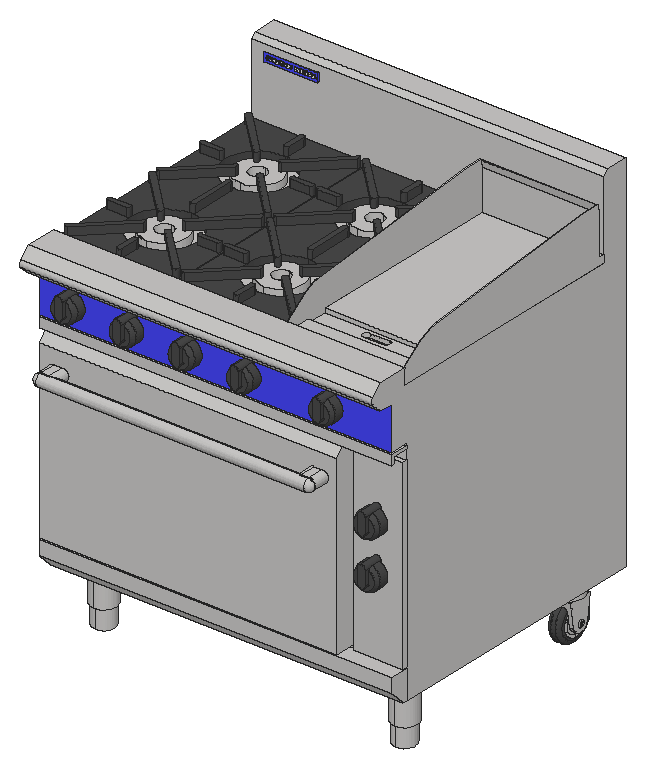
Revit family "QF_MOFFAT_BLUESEAL_CE_GE506C", category Specialty Equipment, Revit 2012
Parameters
  Width = 900 mm  # constant formula
  Weight in Pounds = 485
  Watts = 6500 W
  Volts = 400 V
  URL Cutsheet = "www.moffat.com"
  URL = "www.moffat.com"
  Type Mark [instance] = ""
  Status [instance] = ""
  Specification by User [instance] = ""
  Specification by Manufacturer = ""
  Show Logo [instance] = yes
  Show Clearance [instance] = yes
  Show Casters [instance] = yes
  Serial Number = ""
  Seismic Rating = ""
  SMACNA No = ""
  Revision Code [instance] = ""
  Phase = 3
  Omniclass Number and Title = ""
  Number of Poles [instance] = 1
  NAFEM Spec ID Number = ""
  Model = "GE506C"
  Min Ckt Ampacity = 0 A
  Mechanical Remarks = ""
  Mechanical Connection Type [instance] = ""
  Max Overcurrent Protection = 0 A
  Masterspec = ""
  Manufacturer = "MOFFAT BLUESEAL"
  Legs [instance] = not(Show Casters)  # no
  Item Number [instance] = ""
  Installed By [instance] = ""
  Identify Quantity as Lot [instance] = yes
  Height = 970 mm  # constant formula
  HP = ""
  Gas Size = 3/4"
  Gas RI Height [instance] = 0 mm
  Gas KW [instance] = 36.6
  Gas Input [instance] = 125111.0 Btu/h
  Gas Connection Height = 0 mm
  Furnished By [instance] = ""
  Foodservice Equipment Identifier [instance] = yes
  FL Amps = 9.4 A
  Electrical Remarks = "9.4A PER PHASE"
  Electric Connection Type = ""
  Elec Conn RI Height = 0 mm
  Elec Conn Connection Height = 0 mm
  Description = "900MM GAS RANGE WITH ELECTRIC STATIC OVEN"
  Depth = 812 mm  # constant formula
  Cycle = 50 Hz
  Conn Plug = ""
  Conn Conduit = yes
  CSI MasterFormat = ""
  CSI Master Format = ""
  Body Finish = QF_Finishes_Stainless Steel
  Apparent Power = 0 VA
Reference planes
  plane 1 "BACK": y = 0
  plane 2: z = 0
  plane 3 "LEFT": x = 0
  plane 4 "RIGHT": x = 900
  plane 5 "FRONT": y = -812
  plane 6 "TOP": z = 970
  plane 7 "Center Y": x = 450
  plane 8 "Center X": y = -406
  plane 9: x = 280
  plane 10: y = -574.272
  plane 11: x = 60
  plane 12: y = -304.972
  plane 13: y = -364.972
  plane 14: x = 74
  plane 15: y = -812
  plane 16: x = 834.5
  plane 17: y = -32
  plane 18: z = 655
  plane 19: y = -100
  plane 20: z = 1085
  plane 21: y = -705
  plane 22: x = 65.8
  plane 23: x = 534.2
Forms (mm)
  Extrusion 1, solid, material "QF_Finishes_Stainless Steel" <- "Body Finish"
    sketch origin (0, 0, 0) x (0, 1, 0) y (0, 0, 1)
      loop
        line (0, 150) -> (0, 1085) -> (-57.5, 1085) -> (-70, 1072.5) -> (-70, 875) -> (-705, 875) -> (-705, 915) -> (-783.97, 915) -> (-808.476, 890.494)
        arc (-808.476, 890.494) -> (-811.994, 882) -> (-808.476, 873.506) r 12.013
        line (-808.476, 873.506) -> (-784.97, 850) -> (-749, 850) -> (-749, 740) -> (-699, 740) -> (-699, 150) -> (0, 150)
    from 0 to 900
  Extrusion 2, solid, material "QF_Finishes_Stainless Steel"
    sketch origin (0, 7, 0) x (0, 1, 0) y (0, 0, 1)
      loop
        line (-706, 700) -> (-732, 700) -> (-756, 676) -> (-756, 227.5) -> (-706, 227.5) -> (-706, 700)
    from 0 to 760
  Extrusion 3, solid, material "QF_Finishes_Stainless Steel"
    sketch origin (723.5, 7, 0) x (0, 1, 0) y (0, 0, 1)
      loop
        line (-706, 700) -> (-721, 700) -> (-721, 227.5) -> (-706, 227.5) -> (-706, 700)
    from 51.5 to 176.5
  Revolve 4, solid, material "QF_Finishes_Stainless Steel" <- "Body Finish"
    sketch origin (834.5, -696.126, 0) x (0, 1, 0) y (0, 0, -1)
      loop
        line (39.376, -150) -> (71.126, -150) -> (71.126, 0) -> (43.626, 0) -> (43.626, -50) -> (39.376, -50) -> (39.376, -150)
      axis (71.126, -150) -> (71.126, 0)
    angle from 0 to 360
  Revolve 5, solid, material "QF_Finishes_Stainless Steel" <- "Body Finish"
    sketch origin (65.5, -696.126, 0) x (0, 1, 0) y (0, 0, 1)
      loop
        line (39.376, 150) -> (39.376, 50) -> (43.626, 50) -> (43.626, 0) -> (71.126, 0) -> (71.126, 150) -> (39.376, 150)
      axis (71.126, 150) -> (71.126, 0)
    angle from 0 to 360
  Extrusion 6, solid, material "QF_Finishes_Stainless Steel"
    sketch origin (-64.5, 0, 325) x (1, 0, 0) y (0, 1, 0)
      loop
        circle (834.5, -32) r 10
    from 330 to 371
  Revolve 7, solid, material "QF_Finishes_Black"
    sketch origin (750, 45.874, -0.118) x (0, 1, 0) y (0, 0, 1)
      loop
        line (-827.874, 829.5) -> (-838.874, 823.651) -> (-838.874, 797) -> (-794.874, 797) -> (-794.874, 802) -> (-804.874, 802) -> (-804.874, 829.5) -> (-827.874, 829.5)
      axis (-838.874, 797) -> (-794.874, 797)
    angle from 0 to 360
  Revolve 8, solid, material "QF_Finishes_Black"
    sketch origin (90.649, 45.874, -0.118) x (0, 1, 0) y (0, 0, -1)
      loop
        line (-827.874, -829.5) -> (-804.874, -829.5) -> (-804.874, -802) -> (-794.874, -802) -> (-794.874, -797) -> (-838.874, -797) -> (-838.874, -823.651) -> (-827.874, -829.5)
      axis (-838.874, -797) -> (-794.874, -797)
    angle from 0 to 360
  Revolve 9, solid, material "QF_Finishes_Black"
    sketch origin (240.649, 45.874, -0.118) x (0, 1, 0) y (0, 0, -1)
      loop
        line (-827.874, -829.5) -> (-804.874, -829.5) -> (-804.874, -802) -> (-794.874, -802) -> (-794.874, -797) -> (-838.874, -797) -> (-838.874, -823.651) -> (-827.874, -829.5)
      axis (-838.874, -797) -> (-794.874, -797)
    angle from 0 to 360
  Revolve 10, solid, material "QF_Finishes_Black"
    sketch origin (390.625, 45.874, -0.118) x (0, 1, 0) y (0, 0, -1)
      loop
        line (-827.874, -829.5) -> (-804.874, -829.5) -> (-804.874, -802) -> (-794.874, -802) -> (-794.874, -797) -> (-838.874, -797) -> (-838.874, -823.651) -> (-827.874, -829.5)
      axis (-838.874, -797) -> (-794.874, -797)
    angle from 0 to 360
  Extrusion 11, solid, material "QF_Finishes_Black"
    sketch origin (238.456, 7, -0.118) x (-1, 0, 0) y (0, 0, -1)
      loop
        arc (158.3, -789) -> (148.3, -779) -> (138.3, -789) r 10
        line (138.3, -789) -> (138.3, -824)
        arc (138.3, -824) -> (148.3, -834) -> (158.3, -824) r 10
        line (158.3, -824) -> (158.3, -789)
    from 759 to 808
  Extrusion 12, solid, material "QF_Finishes_Black"
    sketch origin (388.456, 7, -0.118) x (-1, 0, 0) y (0, 0, -1)
      loop
        arc (158.3, -789) -> (148.3, -779) -> (138.3, -789) r 10
        line (138.3, -789) -> (138.3, -824)
        arc (138.3, -824) -> (148.3, -834) -> (158.3, -824) r 10
        line (158.3, -824) -> (158.3, -789)
    from 759 to 808
  Extrusion 13, solid, material "QF_Finishes_Black"
    sketch origin (602.193, 7, -0.118) x (1, 0, 0) y (0, 0, 1)
      loop
        line (158.3, 789) -> (158.3, 824)
        arc (158.3, 824) -> (148.3, 834) -> (138.3, 824) r 10
        line (138.3, 824) -> (138.3, 789)
        arc (138.3, 789) -> (148.3, 779) -> (158.3, 789) r 10
    from 759 to 808
  Extrusion 14, solid, material "QF_Finishes_Black"
    sketch origin (538.432, 7, -0.118) x (-1, 0, 0) y (0, 0, -1)
      loop
        arc (158.3, -789) -> (148.3, -779) -> (138.3, -789) r 10
        line (138.3, -789) -> (138.3, -824)
        arc (138.3, -824) -> (148.3, -834) -> (158.3, -824) r 10
        line (158.3, -824) -> (158.3, -789)
    from 759 to 808
  Extrusion 15, solid, material "QF_Finishes_Black"
    sketch origin (688.432, 7, -0.118) x (-1, 0, 0) y (0, 0, -1)
      loop
        arc (158.3, -789) -> (148.3, -779) -> (138.3, -789) r 10
        line (138.3, -789) -> (138.3, -824)
        arc (138.3, -824) -> (148.3, -834) -> (158.3, -824) r 10
        line (158.3, -824) -> (158.3, -789)
    from 759 to 808
  Revolve 16, solid, material "QF_Finishes_Black"
    sketch origin (836.851, 80.874, -245.743) x (0, 1, 0) y (0, 0, 1)
      loop
        line (-827.874, 829.5) -> (-838.874, 823.651) -> (-838.874, 797) -> (-794.874, 797) -> (-794.874, 802) -> (-804.874, 802) -> (-804.874, 829.5) -> (-827.874, 829.5)
      axis (-838.874, 797) -> (-794.874, 797)
    angle from 0 to 360
  Extrusion 17, solid, material "QF_Finishes_Black"
    sketch origin (689.044, 42, -245.743) x (1, 0, 0) y (0, 0, 1)
      loop
        line (158.3, 789) -> (158.3, 824)
        arc (158.3, 824) -> (148.3, 834) -> (138.3, 824) r 10
        line (138.3, 824) -> (138.3, 789)
        arc (138.3, 789) -> (148.3, 779) -> (158.3, 789) r 10
    from 759 to 808
  Extrusion 18, solid, material "QF_Door-Drawer Clearances", visible <- "Show Clearance", detail levels coarse
    sketch origin (0, 7, 0) x (0, -1, 0) y (0, 0, 1)
      loop
        line (756, 697.347) -> (756, 227.5) -> (1225.847, 227.5)
        arc (1225.847, 227.5) -> (1088.232, 559.732) -> (756, 697.347) r 469.847
    from 0 to -760
  Extrusion 19, void
    sketch origin (0, 0, 220) x (1, 0, 0) y (0, 1, 0)
      loop
        line (824, -87) -> (824, 0) -> (694, 0) -> (694, -39) -> (744, -87) -> (824, -87)
    from 0 to 476
  Revolve 20, solid, material "QF_Finishes_Black"
    sketch origin (540.625, 45.874, -0.118) x (0, 1, 0) y (0, 0, -1)
      loop
        line (-827.874, -829.5) -> (-804.874, -829.5) -> (-804.874, -802) -> (-794.874, -802) -> (-794.874, -797) -> (-838.874, -797) -> (-838.874, -823.651) -> (-827.874, -829.5)
      axis (-838.874, -797) -> (-794.874, -797)
    angle from 0 to 360
  Extrusion 21, solid, material "QF_Finishes_Stainless Steel"
    sketch origin (0, -749, 227.5) x (0, 0, 1) y (-1, 0, 0)
      loop
        line (380.625, -38.246) -> (380.625, -58.528)
        arc (380.625, -58.528) -> (395.625, -73.528) -> (410.625, -58.528) r 15
        line (410.625, -58.528) -> (410.625, -38.246)
        arc (410.625, -38.246) -> (395.625, -23.246) -> (380.625, -38.246) r 15
      loop
        arc (380.625, -723.039) -> (395.625, -738.039) -> (410.625, -723.039) r 15
        line (410.625, -723.039) -> (410.625, -702.757)
        arc (410.625, -702.757) -> (395.625, -687.757) -> (380.625, -702.757) r 15
        line (380.625, -702.757) -> (380.625, -723.039)
    from 0 to 44
  Revolve 22, solid, material "QF_Finishes_Stainless Steel"
    sketch origin (0, -793, 0) x (1, 0, 0) y (0, 0, 1)
      loop
        arc (738.039, 623.125) -> (733.646, 633.732) -> (723.039, 638.125) r 15
        line (723.039, 638.125) -> (38.246, 638.125)
        arc (38.246, 638.125) -> (27.64, 633.732) -> (23.246, 623.125) r 15
        line (23.246, 623.125) -> (738.039, 623.125)
      axis (738.039, 623.125) -> (23.246, 623.125)
    angle from 0 to 360
  Extrusion 23, solid, material "QF_Finishes_Stainless Steel" <- "Body Finish"
    sketch origin (0, 7, 0) x (0, 1, 0) y (0, 0, 1)
      loop
        line (-756, 710) -> (-747.224, 710) -> (-749.613, 726.999) -> (-707.93, 726.999) -> (-707.93, 734.003) -> (-756, 734.003) -> (-756, 710)
    from 0 to 900
  Extrusion 24, solid, material "QF_Finishes_Stainless Steel" <- "Body Finish"
    sketch origin (0, 4.73, 0) x (0, 1, 0) y (0, 0, 1)
      loop
        line (-753.73, 222.5) -> (-753.73, 186) -> (-717.73, 150) -> (-703.73, 150) -> (-703.73, 222.5) -> (-753.73, 222.5)
    from 0 to 900
  Extrusion 25, solid, material "QF_Finishes_Stainless Steel", visible <- "Show Casters"
    sketch origin (71.501, 133.353, -8.783) x (0, 1, 0) y (0, 0, 1)
      loop
        line (-201.603, 118.783) -> (-265.103, 118.783) -> (-252.746, 53.895)
        arc (-252.746, 53.895) -> (-233.353, 38.783) -> (-213.959, 53.895) r 20
        line (-213.959, 53.895) -> (-201.603, 118.783)
    from -35.667 to 22.923
  Revolve 26, solid, material "QF_Finishes_Stainless Steel", visible <- "Show Casters"
    sketch origin (65, -203, 0) x (0, 1, 0) y (0, 0, 1)
      loop
        line (67.25, 150) -> (67.25, 110) -> (103, 110) -> (103, 150) -> (67.25, 150)
      axis (103, 150) -> (103, 110)
    angle from 0 to 360
  Revolve 27, solid, material "QF_Finishes_Stainless Steel", visible <- "Show Casters"
    sketch origin (834.5, -203, 0) x (0, 1, 0) y (0, 0, -1)
      loop
        line (67.25, -150) -> (103, -150) -> (103, -110) -> (67.25, -110) -> (67.25, -150)
      axis (103, -150) -> (103, -110)
    angle from 0 to 360
  Revolve 28, solid, material "QF_Finishes_Stainless Steel", visible <- "Show Casters"
    sketch origin (785.276, -99.755, -13.653) x (1, 0, 0) y (0, 0, 1)
      loop
        line (14.841, 64.453) -> (83.584, 64.453) -> (83.584, 67.958) -> (82.314, 69.228) -> (80.79, 69.228) -> (80.79, 72.674) -> (68.644, 72.674) -> (68.644, 82.639) -> (65.088, 84.692) -> (63.738, 93.028) -> (65.881, 93.028) -> (65.881, 99.378) -> (65.088, 99.378) -> (65.088, 105.728)
        arc (65.088, 105.728) -> (62.298, 112.463) -> (55.563, 115.253) r 9.525
        line (55.563, 115.253) -> (42.863, 115.253)
        arc (42.863, 115.253) -> (36.127, 112.463) -> (33.338, 105.728) r 9.525
        line (33.338, 105.728) -> (33.338, 99.378) -> (32.544, 99.378) -> (32.544, 93.028) -> (34.687, 93.028) -> (33.352, 84.781) -> (29.782, 82.719) -> (29.782, 72.674) -> (17.635, 72.674) -> (17.635, 69.228) -> (16.111, 69.228) -> (14.841, 67.958) -> (14.841, 64.453)
      axis (14.841, 64.453) -> (83.584, 64.453)
    angle from 0 to 360
  Extrusion 29, solid, material "QF_Finishes_Stainless Steel", visible <- "Show Casters"
    sketch origin (841.001, 133.353, -8.783) x (0, 1, 0) y (0, 0, 1)
      loop
        line (-201.603, 118.783) -> (-265.103, 118.783) -> (-252.746, 53.895)
        arc (-252.746, 53.895) -> (-233.353, 38.783) -> (-213.959, 53.895) r 20
        line (-213.959, 53.895) -> (-201.603, 118.783)
    from -35.667 to 22.923
  Revolve 30, solid, material "QF_Finishes_Stainless Steel", visible <- "Legs"
    sketch origin (65, -165, 0) x (0, 1, 0) y (0, 0, 1)
      loop
        line (33.25, 150) -> (33.25, 50) -> (37.5, 50) -> (37.5, 0) -> (65, 0) -> (65, 150) -> (33.25, 150)
      axis (65, 150) -> (65, 0)
    angle from 0 to 360
  Revolve 31, solid, material "QF_Finishes_Stainless Steel", visible <- "Legs"
    sketch origin (834.5, -165, 0) x (0, 1, 0) y (0, 0, -1)
      loop
        line (33.25, -150) -> (65, -150) -> (65, 0) -> (37.5, 0) -> (37.5, -50) -> (33.25, -50) -> (33.25, -150)
      axis (65, -150) -> (65, 0)
    angle from 0 to 360
  Revolve 32, solid, material "QF_Finishes_Stainless Steel", visible <- "Show Casters"
    sketch origin (114.224, -99.755, -13.653) x (-1, 0, 0) y (0, 0, -1)
      loop
        line (14.841, -64.453) -> (14.841, -67.958) -> (16.111, -69.228) -> (17.635, -69.228) -> (17.635, -72.674) -> (29.782, -72.674) -> (29.782, -82.719) -> (33.352, -84.781) -> (34.687, -93.028) -> (32.544, -93.028) -> (32.544, -99.378) -> (33.338, -99.378) -> (33.338, -105.728)
        arc (33.338, -105.728) -> (36.127, -112.463) -> (42.863, -115.253) r 9.525
        line (42.863, -115.253) -> (55.563, -115.253)
        arc (55.563, -115.253) -> (62.298, -112.463) -> (65.088, -105.728) r 9.525
        line (65.088, -105.728) -> (65.088, -99.378) -> (65.881, -99.378) -> (65.881, -93.028) -> (63.738, -93.028) -> (65.088, -84.692) -> (68.644, -82.639) -> (68.644, -72.674) -> (80.79, -72.674) -> (80.79, -69.228) -> (82.314, -69.228) -> (83.584, -67.958) -> (83.584, -64.453) -> (14.841, -64.453)
      axis (14.841, -64.453) -> (83.584, -64.453)
    angle from 0 to 360
  Extrusion 33, solid, material "QF_Finishes_Black"
    sketch origin (0, -70, 875) x (0, -1, 0) y (1, 0, 0)
      loop
        arc (1, 4) -> (1.879, 1.879) -> (4, 1) r 3
        line (4, 1) -> (632, 1)
        arc (632, 1) -> (634.121, 1.879) -> (635, 4) r 3
        line (635, 4) -> (635, 297)
        arc (635, 297) -> (634.121, 299.121) -> (632, 300) r 3
        line (632, 300) -> (4, 300)
        arc (4, 300) -> (1.879, 299.121) -> (1, 297) r 3
        line (1, 297) -> (1, 4)
      loop
        circle (167.5, 150) r 85
      loop
        circle (467.768, 150) r 85
    from 0 to 19.5
  Extrusion 34, solid, material "QF_Finishes_Black"
    sketch origin (0, -73.5, 894.5) x (0, -1, 0) y (1, 0, 0)
      loop
        spline (323.602, 15.153) -> (322.681, 13.924) -> (322.131, 12.47) -> (321.99, 10.89) -> (322.267, 9.292) -> (322.943, 7.786) -> (323.973, 6.473) -> (325.286, 5.443) -> (326.792, 4.767) -> (328.39, 4.49) -> (329.97, 4.631) -> (331.424, 5.181) -> (332.653, 6.102)
        line (332.653, 6.102) -> (440.576, 114.025)
        spline (440.576, 114.025) -> (441.337, 115.095) -> (441.738, 116.399) -> (441.751, 117.851) -> (441.375, 119.35) -> (440.637, 120.795) -> (439.586, 122.086) -> (438.295, 123.137) -> (436.85, 123.875) -> (435.351, 124.251) -> (433.899, 124.238) -> (432.595, 123.837) -> (431.525, 123.076)
        line (431.525, 123.076) -> (323.602, 15.153)
      loop
        spline (371.852, 143.6) -> (373.146, 143.818) -> (374.352, 144.457) -> (375.388, 145.475) -> (376.182, 146.8) -> (376.682, 148.344) -> (376.852, 150) -> (376.682, 151.656) -> (376.182, 153.2) -> (375.388, 154.525) -> (374.352, 155.543) -> (373.146, 156.182) -> (371.852, 156.4)
        line (371.852, 156.4) -> (259.398, 156.4)
        spline (259.398, 156.4) -> (258.104, 156.182) -> (256.898, 155.543) -> (255.862, 154.525) -> (255.068, 153.2) -> (254.568, 151.656) -> (254.398, 150) -> (254.568, 148.344) -> (255.068, 146.8) -> (255.862, 145.475) -> (256.898, 144.457) -> (258.104, 143.818) -> (259.398, 143.6)
        line (259.398, 143.6) -> (371.852, 143.6)
      loop
        line (311.398, 15.153) -> (203.475, 123.076)
        spline (203.475, 123.076) -> (202.405, 123.837) -> (201.101, 124.238) -> (199.649, 124.251) -> (198.15, 123.875) -> (196.705, 123.137) -> (195.414, 122.086) -> (194.363, 120.795) -> (193.625, 119.35) -> (193.249, 117.851) -> (193.262, 116.399) -> (193.663, 115.095) -> (194.424, 114.025)
        line (194.424, 114.025) -> (302.347, 6.102)
        spline (302.347, 6.102) -> (303.416, 5.341) -> (304.721, 4.941) -> (306.172, 4.928) -> (307.671, 5.303) -> (309.116, 6.041) -> (310.408, 7.092) -> (311.459, 8.384) -> (312.197, 9.829) -> (312.572, 11.328) -> (312.559, 12.779) -> (312.159, 14.084) -> (311.398, 15.153)
      loop
        line (323.602, 284.847) -> (431.525, 176.924)
        spline (431.525, 176.924) -> (432.595, 176.163) -> (433.899, 175.762) -> (435.351, 175.749) -> (436.85, 176.125) -> (438.295, 176.863) -> (439.586, 177.914) -> (440.637, 179.205) -> (441.375, 180.65) -> (441.751, 182.149) -> (441.738, 183.601) -> (441.337, 184.905) -> (440.576, 185.975)
        line (440.576, 185.975) -> (332.653, 293.898)
        spline (332.653, 293.898) -> (331.424, 294.819) -> (329.97, 295.369) -> (328.39, 295.51) -> (326.792, 295.233) -> (325.286, 294.557) -> (323.973, 293.527) -> (322.943, 292.214) -> (322.267, 290.708) -> (321.99, 289.11) -> (322.131, 287.53) -> (322.681, 286.076) -> (323.602, 284.847)
      loop
        spline (311.398, 284.847) -> (312.159, 285.916) -> (312.559, 287.221) -> (312.572, 288.672) -> (312.197, 290.171) -> (311.459, 291.616) -> (310.408, 292.908) -> (309.116, 293.959) -> (307.671, 294.697) -> (306.172, 295.072) -> (304.721, 295.059) -> (303.416, 294.659) -> (302.347, 293.898)
        line (302.347, 293.898) -> (194.424, 185.975)
        spline (194.424, 185.975) -> (193.663, 184.905) -> (193.262, 183.601) -> (193.249, 182.149) -> (193.625, 180.65) -> (194.363, 179.205) -> (195.414, 177.914) -> (196.705, 176.863) -> (198.15, 176.125) -> (199.649, 175.749) -> (201.101, 175.762) -> (202.405, 176.163) -> (203.475, 176.924)
        line (203.475, 176.924) -> (311.398, 284.847)
      loop
        spline (73.549, 143.6) -> (74.844, 143.818) -> (76.049, 144.457) -> (77.085, 145.475) -> (77.88, 146.8) -> (78.379, 148.344) -> (78.549, 150) -> (78.379, 151.656) -> (77.88, 153.2) -> (77.085, 154.525) -> (76.049, 155.543) -> (74.844, 156.182) -> (73.549, 156.4)
        line (73.549, 156.4) -> (25.093, 156.4)
        spline (25.093, 156.4) -> (23.799, 156.182) -> (22.593, 155.543) -> (21.558, 154.525) -> (20.763, 153.2) -> (20.264, 151.656) -> (20.093, 150) -> (20.264, 148.344) -> (20.763, 146.8) -> (21.558, 145.475) -> (22.593, 144.457) -> (23.799, 143.818) -> (25.093, 143.6)
        line (25.093, 143.6) -> (73.549, 143.6)
      loop
        spline (608.1, 143.6) -> (609.394, 143.818) -> (610.6, 144.457) -> (611.636, 145.475) -> (612.43, 146.8) -> (612.93, 148.344) -> (613.1, 150) -> (612.93, 151.656) -> (612.43, 153.2) -> (611.636, 154.525) -> (610.6, 155.543) -> (609.394, 156.182) -> (608.1, 156.4)
        line (608.1, 156.4) -> (558.644, 156.4)
        spline (558.644, 156.4) -> (557.35, 156.182) -> (556.144, 155.543) -> (555.108, 154.525) -> (554.314, 153.2) -> (553.814, 151.656) -> (553.644, 150) -> (553.814, 148.344) -> (554.314, 146.8) -> (555.108, 145.475) -> (556.144, 144.457) -> (557.35, 143.818) -> (558.644, 143.6)
        line (558.644, 143.6) -> (608.1, 143.6)
      loop
        spline (457.6, 10.156) -> (457.818, 8.862) -> (458.457, 7.656) -> (459.475, 6.62) -> (460.8, 5.826) -> (462.344, 5.326) -> (464, 5.156) -> (465.656, 5.326) -> (467.2, 5.826) -> (468.525, 6.62) -> (469.543, 7.656) -> (470.182, 8.862) -> (470.4, 10.156)
        line (470.4, 10.156) -> (470.4, 58.612)
        spline (470.4, 58.612) -> (470.182, 59.906) -> (469.543, 61.112) -> (468.525, 62.148) -> (467.2, 62.942) -> (465.656, 63.442) -> (464, 63.612) -> (462.344, 63.442) -> (460.8, 62.942) -> (459.475, 62.148) -> (458.457, 61.112) -> (457.818, 59.906) -> (457.6, 58.612)
        line (457.6, 58.612) -> (457.6, 10.156)
      loop
        spline (160.966, 10.156) -> (161.184, 8.862) -> (161.823, 7.656) -> (162.841, 6.62) -> (164.166, 5.826) -> (165.71, 5.326) -> (167.366, 5.156) -> (169.022, 5.326) -> (170.566, 5.826) -> (171.892, 6.62) -> (172.909, 7.656) -> (173.548, 8.862) -> (173.766, 10.156)
        line (173.766, 10.156) -> (173.766, 58.612)
        spline (173.766, 58.612) -> (173.548, 59.906) -> (172.909, 61.112) -> (171.892, 62.148) -> (170.566, 62.942) -> (169.022, 63.442) -> (167.366, 63.612) -> (165.71, 63.442) -> (164.166, 62.942) -> (162.841, 62.148) -> (161.823, 61.112) -> (161.184, 59.906) -> (160.966, 58.612)
        line (160.966, 58.612) -> (160.966, 10.156)
      loop
        spline (457.6, 241.636) -> (457.818, 240.342) -> (458.457, 239.136) -> (459.475, 238.1) -> (460.8, 237.306) -> (462.344, 236.806) -> (464, 236.636) -> (465.656, 236.806) -> (467.2, 237.306) -> (468.525, 238.1) -> (469.543, 239.136) -> (470.182, 240.342) -> (470.4, 241.636)
        line (470.4, 241.636) -> (470.4, 290.092)
        spline (470.4, 290.092) -> (470.182, 291.386) -> (469.543, 292.592) -> (468.525, 293.628) -> (467.2, 294.422) -> (465.656, 294.922) -> (464, 295.092) -> (462.344, 294.922) -> (460.8, 294.422) -> (459.475, 293.628) -> (458.457, 292.592) -> (457.818, 291.386) -> (457.6, 290.092)
        line (457.6, 290.092) -> (457.6, 241.636)
      loop
        spline (160.966, 241.636) -> (161.184, 240.342) -> (161.823, 239.136) -> (162.841, 238.1) -> (164.166, 237.306) -> (165.71, 236.806) -> (167.366, 236.636) -> (169.022, 236.806) -> (170.566, 237.306) -> (171.892, 238.1) -> (172.909, 239.136) -> (173.548, 240.342) -> (173.766, 241.636)
        line (173.766, 241.636) -> (173.766, 290.092)
        spline (173.766, 290.092) -> (173.548, 291.386) -> (172.909, 292.592) -> (171.892, 293.628) -> (170.566, 294.422) -> (169.022, 294.922) -> (167.366, 295.092) -> (165.71, 294.922) -> (164.166, 294.422) -> (162.841, 293.628) -> (161.823, 292.592) -> (161.184, 291.386) -> (160.966, 290.092)
        line (160.966, 290.092) -> (160.966, 241.636)
      loop
        line (604.398, 15.153) -> (496.475, 123.076)
        spline (496.475, 123.076) -> (495.405, 123.837) -> (494.101, 124.238) -> (492.649, 124.251) -> (491.15, 123.875) -> (489.705, 123.137) -> (488.414, 122.086) -> (487.363, 120.795) -> (486.625, 119.35) -> (486.249, 117.851) -> (486.262, 116.399) -> (486.663, 115.095) -> (487.424, 114.025)
        line (487.424, 114.025) -> (595.347, 6.102)
        spline (595.347, 6.102) -> (596.576, 5.181) -> (598.03, 4.631) -> (599.61, 4.49) -> (601.208, 4.767) -> (602.714, 5.443) -> (604.027, 6.473) -> (605.057, 7.786) -> (605.733, 9.292) -> (606.01, 10.89) -> (605.869, 12.47) -> (605.319, 13.924) -> (604.398, 15.153)
      loop
        spline (604.398, 284.847) -> (605.319, 286.076) -> (605.869, 287.53) -> (606.01, 289.11) -> (605.733, 290.708) -> (605.057, 292.214) -> (604.027, 293.527) -> (602.714, 294.557) -> (601.208, 295.233) -> (599.61, 295.51) -> (598.03, 295.369) -> (596.576, 294.819) -> (595.347, 293.898)
        line (595.347, 293.898) -> (487.424, 185.975)
        spline (487.424, 185.975) -> (486.663, 184.905) -> (486.262, 183.601) -> (486.249, 182.149) -> (486.625, 180.65) -> (487.363, 179.205) -> (488.414, 177.914) -> (489.705, 176.863) -> (491.15, 176.125) -> (492.649, 175.749) -> (494.101, 175.762) -> (495.405, 176.163) -> (496.475, 176.924)
        line (496.475, 176.924) -> (604.398, 284.847)
      loop
        spline (16.602, 15.153) -> (15.841, 14.084) -> (15.441, 12.779) -> (15.428, 11.328) -> (15.803, 9.829) -> (16.541, 8.384) -> (17.592, 7.092) -> (18.884, 6.041) -> (20.329, 5.303) -> (21.828, 4.928) -> (23.279, 4.941) -> (24.584, 5.341) -> (25.653, 6.102)
        line (25.653, 6.102) -> (133.576, 114.025)
        spline (133.576, 114.025) -> (134.337, 115.095) -> (134.738, 116.399) -> (134.751, 117.851) -> (134.375, 119.35) -> (133.637, 120.795) -> (132.586, 122.086) -> (131.295, 123.137) -> (129.85, 123.875) -> (128.351, 124.251) -> (126.899, 124.238) -> (125.595, 123.837) -> (124.525, 123.076)
        line (124.525, 123.076) -> (16.602, 15.153)
      loop
        line (16.602, 284.847) -> (124.525, 176.924)
        spline (124.525, 176.924) -> (125.595, 176.163) -> (126.899, 175.762) -> (128.351, 175.749) -> (129.85, 176.125) -> (131.295, 176.863) -> (132.586, 177.914) -> (133.637, 179.205) -> (134.375, 180.65) -> (134.751, 182.149) -> (134.738, 183.601) -> (134.337, 184.905) -> (133.576, 185.975)
        line (133.576, 185.975) -> (25.653, 293.898)
        spline (25.653, 293.898) -> (24.584, 294.659) -> (23.279, 295.059) -> (21.828, 295.072) -> (20.329, 294.697) -> (18.884, 293.959) -> (17.592, 292.908) -> (16.541, 291.616) -> (15.803, 290.171) -> (15.428, 288.672) -> (15.441, 287.221) -> (15.841, 285.916) -> (16.602, 284.847)
      loop
        line (323.602, 584.847) -> (431.525, 476.924)
        spline (431.525, 476.924) -> (432.595, 476.163) -> (433.899, 475.762) -> (435.351, 475.749) -> (436.85, 476.125) -> (438.295, 476.863) -> (439.586, 477.914) -> (440.637, 479.205) -> (441.375, 480.65) -> (441.751, 482.149) -> (441.738, 483.601) -> (441.337, 484.905) -> (440.576, 485.975)
        line (440.576, 485.975) -> (332.653, 593.898)
        spline (332.653, 593.898) -> (331.424, 594.819) -> (329.97, 595.369) -> (328.39, 595.51) -> (326.792, 595.233) -> (325.286, 594.557) -> (323.973, 593.527) -> (322.943, 592.214) -> (322.267, 590.708) -> (321.99, 589.11) -> (322.131, 587.53) -> (322.681, 586.076) -> (323.602, 584.847)
      loop
        line (371.852, 456.4) -> (259.398, 456.4)
        spline (259.398, 456.4) -> (258.104, 456.182) -> (256.898, 455.543) -> (255.862, 454.525) -> (255.068, 453.2) -> (254.568, 451.656) -> (254.398, 450) -> (254.568, 448.344) -> (255.068, 446.8) -> (255.862, 445.475) -> (256.898, 444.457) -> (258.104, 443.818) -> (259.398, 443.6)
        line (259.398, 443.6) -> (371.852, 443.6)
        spline (371.852, 443.6) -> (373.146, 443.818) -> (374.352, 444.457) -> (375.388, 445.475) -> (376.182, 446.8) -> (376.682, 448.344) -> (376.852, 450) -> (376.682, 451.656) -> (376.182, 453.2) -> (375.388, 454.525) -> (374.352, 455.543) -> (373.146, 456.182) -> (371.852, 456.4)
      loop
        spline (311.398, 584.847) -> (312.159, 585.916) -> (312.559, 587.221) -> (312.572, 588.672) -> (312.197, 590.171) -> (311.459, 591.616) -> (310.408, 592.908) -> (309.116, 593.959) -> (307.671, 594.697) -> (306.172, 595.072) -> (304.721, 595.059) -> (303.416, 594.659) -> (302.347, 593.898)
        line (302.347, 593.898) -> (194.424, 485.975)
        spline (194.424, 485.975) -> (193.663, 484.905) -> (193.262, 483.601) -> (193.249, 482.149) -> (193.625, 480.65) -> (194.363, 479.205) -> (195.414, 477.914) -> (196.705, 476.863) -> (198.15, 476.125) -> (199.649, 475.749) -> (201.101, 475.762) -> (202.405, 476.163) -> (203.475, 476.924)
        line (203.475, 476.924) -> (311.398, 584.847)
      loop
        spline (323.602, 315.153) -> (322.681, 313.924) -> (322.131, 312.47) -> (321.99, 310.89) -> (322.267, 309.292) -> (322.943, 307.786) -> (323.973, 306.473) -> (325.286, 305.443) -> (326.792, 304.767) -> (328.39, 304.49) -> (329.97, 304.631) -> (331.424, 305.181) -> (332.653, 306.102)
        line (332.653, 306.102) -> (440.576, 414.025)
        spline (440.576, 414.025) -> (441.337, 415.095) -> (441.738, 416.399) -> (441.751, 417.851) -> (441.375, 419.35) -> (440.637, 420.795) -> (439.586, 422.086) -> (438.295, 423.137) -> (436.85, 423.875) -> (435.351, 424.251) -> (433.899, 424.238) -> (432.595, 423.837) -> (431.525, 423.076)
        line (431.525, 423.076) -> (323.602, 315.153)
      loop
        line (311.398, 315.153) -> (203.475, 423.076)
        spline (203.475, 423.076) -> (202.405, 423.837) -> (201.101, 424.238) -> (199.649, 424.251) -> (198.15, 423.875) -> (196.705, 423.137) -> (195.414, 422.086) -> (194.363, 420.795) -> (193.625, 419.35) -> (193.249, 417.851) -> (193.262, 416.399) -> (193.663, 415.095) -> (194.424, 414.025)
        line (194.424, 414.025) -> (302.347, 306.102)
        spline (302.347, 306.102) -> (303.416, 305.341) -> (304.721, 304.941) -> (306.172, 304.928) -> (307.671, 305.303) -> (309.116, 306.041) -> (310.408, 307.092) -> (311.459, 308.384) -> (312.197, 309.829) -> (312.572, 311.328) -> (312.559, 312.779) -> (312.159, 314.084) -> (311.398, 315.153)
      loop
        line (73.549, 456.4) -> (25.093, 456.4)
        spline (25.093, 456.4) -> (23.799, 456.182) -> (22.593, 455.543) -> (21.558, 454.525) -> (20.763, 453.2) -> (20.264, 451.656) -> (20.093, 450) -> (20.264, 448.344) -> (20.763, 446.8) -> (21.558, 445.475) -> (22.593, 444.457) -> (23.799, 443.818) -> (25.093, 443.6)
        line (25.093, 443.6) -> (73.549, 443.6)
        spline (73.549, 443.6) -> (74.844, 443.818) -> (76.049, 444.457) -> (77.085, 445.475) -> (77.88, 446.8) -> (78.379, 448.344) -> (78.549, 450) -> (78.379, 451.656) -> (77.88, 453.2) -> (77.085, 454.525) -> (76.049, 455.543) -> (74.844, 456.182) -> (73.549, 456.4)
      loop
        line (608.1, 456.4) -> (558.644, 456.4)
        spline (558.644, 456.4) -> (557.35, 456.182) -> (556.144, 455.543) -> (555.108, 454.525) -> (554.314, 453.2) -> (553.814, 451.656) -> (553.644, 450) -> (553.814, 448.344) -> (554.314, 446.8) -> (555.108, 445.475) -> (556.144, 444.457) -> (557.35, 443.818) -> (558.644, 443.6)
        line (558.644, 443.6) -> (608.1, 443.6)
        spline (608.1, 443.6) -> (609.394, 443.818) -> (610.6, 444.457) -> (611.636, 445.475) -> (612.43, 446.8) -> (612.93, 448.344) -> (613.1, 450) -> (612.93, 451.656) -> (612.43, 453.2) -> (611.636, 454.525) -> (610.6, 455.543) -> (609.394, 456.182) -> (608.1, 456.4)
      loop
        line (457.6, 589.844) -> (457.6, 541.388)
        spline (457.6, 541.388) -> (457.818, 540.094) -> (458.457, 538.888) -> (459.475, 537.852) -> (460.8, 537.058) -> (462.344, 536.558) -> (464, 536.388) -> (465.656, 536.558) -> (467.2, 537.058) -> (468.525, 537.852) -> (469.543, 538.888) -> (470.182, 540.094) -> (470.4, 541.388)
        line (470.4, 541.388) -> (470.4, 589.844)
        spline (470.4, 589.844) -> (470.182, 591.138) -> (469.543, 592.344) -> (468.525, 593.38) -> (467.2, 594.174) -> (465.656, 594.674) -> (464, 594.844) -> (462.344, 594.674) -> (460.8, 594.174) -> (459.475, 593.38) -> (458.457, 592.344) -> (457.818, 591.138) -> (457.6, 589.844)
      loop
        line (160.966, 589.844) -> (160.966, 541.388)
        spline (160.966, 541.388) -> (161.184, 540.094) -> (161.823, 538.888) -> (162.841, 537.852) -> (164.166, 537.058) -> (165.71, 536.558) -> (167.366, 536.388) -> (169.022, 536.558) -> (170.566, 537.058) -> (171.892, 537.852) -> (172.909, 538.888) -> (173.548, 540.094) -> (173.766, 541.388)
        line (173.766, 541.388) -> (173.766, 589.844)
        spline (173.766, 589.844) -> (173.548, 591.138) -> (172.909, 592.344) -> (171.892, 593.38) -> (170.566, 594.174) -> (169.022, 594.674) -> (167.366, 594.844) -> (165.71, 594.674) -> (164.166, 594.174) -> (162.841, 593.38) -> (161.823, 592.344) -> (161.184, 591.138) -> (160.966, 589.844)
      loop
        line (457.6, 358.364) -> (457.6, 309.908)
        spline (457.6, 309.908) -> (457.818, 308.614) -> (458.457, 307.408) -> (459.475, 306.372) -> (460.8, 305.578) -> (462.344, 305.078) -> (464, 304.908) -> (465.656, 305.078) -> (467.2, 305.578) -> (468.525, 306.372) -> (469.543, 307.408) -> (470.182, 308.614) -> (470.4, 309.908)
        line (470.4, 309.908) -> (470.4, 358.364)
        spline (470.4, 358.364) -> (470.182, 359.658) -> (469.543, 360.864) -> (468.525, 361.9) -> (467.2, 362.694) -> (465.656, 363.194) -> (464, 363.364) -> (462.344, 363.194) -> (460.8, 362.694) -> (459.475, 361.9) -> (458.457, 360.864) -> (457.818, 359.658) -> (457.6, 358.364)
      loop
        line (160.966, 358.364) -> (160.966, 309.908)
        spline (160.966, 309.908) -> (161.184, 308.614) -> (161.823, 307.408) -> (162.841, 306.372) -> (164.166, 305.578) -> (165.71, 305.078) -> (167.366, 304.908) -> (169.022, 305.078) -> (170.566, 305.578) -> (171.892, 306.372) -> (172.909, 307.408) -> (173.548, 308.614) -> (173.766, 309.908)
        line (173.766, 309.908) -> (173.766, 358.364)
        spline (173.766, 358.364) -> (173.548, 359.658) -> (172.909, 360.864) -> (171.892, 361.9) -> (170.566, 362.694) -> (169.022, 363.194) -> (167.366, 363.364) -> (165.71, 363.194) -> (164.166, 362.694) -> (162.841, 361.9) -> (161.823, 360.864) -> (161.184, 359.658) -> (160.966, 358.364)
      loop
        spline (604.398, 584.847) -> (605.319, 586.076) -> (605.869, 587.53) -> (606.01, 589.11) -> (605.733, 590.708) -> (605.057, 592.214) -> (604.027, 593.527) -> (602.714, 594.557) -> (601.208, 595.233) -> (599.61, 595.51) -> (598.03, 595.369) -> (596.576, 594.819) -> (595.347, 593.898)
        line (595.347, 593.898) -> (487.424, 485.975)
        spline (487.424, 485.975) -> (486.663, 484.905) -> (486.262, 483.601) -> (486.249, 482.149) -> (486.625, 480.65) -> (487.363, 479.205) -> (488.414, 477.914) -> (489.705, 476.863) -> (491.15, 476.125) -> (492.649, 475.749) -> (494.101, 475.762) -> (495.405, 476.163) -> (496.475, 476.924)
        line (496.475, 476.924) -> (604.398, 584.847)
      loop
        line (604.398, 315.153) -> (496.475, 423.076)
        spline (496.475, 423.076) -> (495.405, 423.837) -> (494.101, 424.238) -> (492.649, 424.251) -> (491.15, 423.875) -> (489.705, 423.137) -> (488.414, 422.086) -> (487.363, 420.795) -> (486.625, 419.35) -> (486.249, 417.851) -> (486.262, 416.399) -> (486.663, 415.095) -> (487.424, 414.025)
        line (487.424, 414.025) -> (595.347, 306.102)
        spline (595.347, 306.102) -> (596.576, 305.181) -> (598.03, 304.631) -> (599.61, 304.49) -> (601.208, 304.767) -> (602.714, 305.443) -> (604.027, 306.473) -> (605.057, 307.786) -> (605.733, 309.292) -> (606.01, 310.89) -> (605.869, 312.47) -> (605.319, 313.924) -> (604.398, 315.153)
      loop
        line (16.602, 584.847) -> (124.525, 476.924)
        spline (124.525, 476.924) -> (125.595, 476.163) -> (126.899, 475.762) -> (128.351, 475.749) -> (129.85, 476.125) -> (131.295, 476.863) -> (132.586, 477.914) -> (133.637, 479.205) -> (134.375, 480.65) -> (134.751, 482.149) -> (134.738, 483.601) -> (134.337, 484.905) -> (133.576, 485.975)
        line (133.576, 485.975) -> (25.653, 593.898)
        spline (25.653, 593.898) -> (24.584, 594.659) -> (23.279, 595.059) -> (21.828, 595.072) -> (20.329, 594.697) -> (18.884, 593.959) -> (17.592, 592.908) -> (16.541, 591.616) -> (15.803, 590.171) -> (15.428, 588.672) -> (15.441, 587.221) -> (15.841, 585.916) -> (16.602, 584.847)
      loop
        spline (16.602, 315.153) -> (15.841, 314.084) -> (15.441, 312.779) -> (15.428, 311.328) -> (15.803, 309.829) -> (16.541, 308.384) -> (17.592, 307.092) -> (18.884, 306.041) -> (20.329, 305.303) -> (21.828, 304.928) -> (23.279, 304.941) -> (24.584, 305.341) -> (25.653, 306.102)
        line (25.653, 306.102) -> (133.576, 414.025)
        spline (133.576, 414.025) -> (134.337, 415.095) -> (134.738, 416.399) -> (134.751, 417.851) -> (134.375, 419.35) -> (133.637, 420.795) -> (132.586, 422.086) -> (131.295, 423.137) -> (129.85, 423.875) -> (128.351, 424.251) -> (126.899, 424.238) -> (125.595, 423.837) -> (124.525, 423.076)
        line (124.525, 423.076) -> (16.602, 315.153)
    from 0 to 20.5
  Extrusion 35, solid, material "QF_Finishes_Stainless Steel"
    sketch origin (0, -70, 875) x (0, -1, 0) y (1, 0, 0)
      loop
        circle (467.5, 150) r 57
      loop
        circle (167.5, 150) r 57
      loop
        circle (467.5, 150) r 22
      loop
        circle (167.5, 150) r 22
      loop
        circle (467.5, 450) r 57
      loop
        circle (167.5, 450) r 57
      loop
        circle (467.5, 450) r 22
      loop
        circle (167.5, 450) r 22
    from 0 to 19.5
  Extrusion 36, solid, material "QF_Finishes_Black"
    sketch origin (600, -70, 875) x (0, -1, 0) y (1, 0, 0)
      loop
        line (1, -3) -> (1, -297)
        arc (1, -297) -> (1.879, -299.121) -> (4, -300) r 3
        line (4, -300) -> (632, -300)
        arc (632, -300) -> (634.121, -299.121) -> (635, -297) r 3
        line (635, -297) -> (635, -3)
        arc (635, -3) -> (634.121, -0.879) -> (632, 0) r 3
        line (632, 0) -> (4, 0)
        arc (4, 0) -> (1.879, -0.879) -> (1, -3) r 3
      loop
        circle (167.5, -150) r 85
      loop
        circle (467.768, -150) r 85
    from 0 to 19.5
  Extrusion 37, solid, material "QF_Finishes_Stainless Steel"
    sketch origin (0, 0, 0) x (1, 0, 0) y (0, 1, 0)
      loop
        circle (826, -501) r 6.35
    from 150 to 147.817
  Revolve 38, solid, material "QF_Finishes_Black"
    sketch origin (836.851, 80.874, -365.743) x (0, 1, 0) y (0, 0, 1)
      loop
        line (-827.874, 829.5) -> (-838.874, 823.651) -> (-838.874, 797) -> (-794.874, 797) -> (-794.874, 802) -> (-804.874, 802) -> (-804.874, 829.5) -> (-827.874, 829.5)
      axis (-838.874, 797) -> (-794.874, 797)
    angle from 0 to 360
  Extrusion 39, solid, material "QF_Finishes_Black"
    sketch origin (689.044, 42, -365.743) x (1, 0, 0) y (0, 0, 1)
      loop
        line (158.3, 789) -> (158.3, 824)
        arc (158.3, 824) -> (148.3, 834) -> (138.3, 824) r 10
        line (138.3, 824) -> (138.3, 789)
        arc (138.3, 789) -> (148.3, 779) -> (158.3, 789) r 10
    from 759 to 808
Cuts and joins
  Extrusion 19 cuts Extrusion 1
Lines and regions (mm)
  Split face 1
    outline origin (900, 0, 1085) x (-1, 0, 0) y (0, -1, 0)
      loop
        arc (867.206, 18.385) -> (875.866, 23.385) -> (875.866, 33.385) r 10
        line (875.866, 33.385) -> (871.824, 40.385)
        arc (871.824, 40.385) -> (868.164, 44.045) -> (863.164, 45.385) r 10
        line (863.164, 45.385) -> (635.206, 45.385)
        arc (635.206, 45.385) -> (626.545, 40.385) -> (626.545, 30.385) r 10
        line (626.545, 30.385) -> (630.587, 23.385)
        arc (630.587, 23.385) -> (634.247, 19.725) -> (639.247, 18.385) r 10
        line (639.247, 18.385) -> (867.206, 18.385)
  Split face 2
    outline origin (900, 0, 1085) x (-1, 0, 0) y (0, -1, 0)
      loop
        arc (567.206, 18.385) -> (575.866, 23.385) -> (575.866, 33.385) r 10
        line (575.866, 33.385) -> (571.824, 40.385)
        arc (571.824, 40.385) -> (568.164, 44.045) -> (563.164, 45.385) r 10
        line (563.164, 45.385) -> (335.206, 45.385)
        arc (335.206, 45.385) -> (326.545, 40.385) -> (326.545, 30.385) r 10
        line (326.545, 30.385) -> (330.587, 23.385)
        arc (330.587, 23.385) -> (334.247, 19.725) -> (339.247, 18.385) r 10
        line (339.247, 18.385) -> (567.206, 18.385)
  Split face 3
    outline origin (900, 0, 1085) x (-1, 0, 0) y (0, -1, 0)
      loop
        arc (35.206, 45.385) -> (26.545, 40.385) -> (26.545, 30.385) r 10
        line (26.545, 30.385) -> (30.587, 23.385)
        arc (30.587, 23.385) -> (34.247, 19.725) -> (39.247, 18.385) r 10
        line (39.247, 18.385) -> (267.206, 18.385)
        arc (267.206, 18.385) -> (275.866, 23.385) -> (275.866, 33.385) r 10
        line (275.866, 33.385) -> (271.824, 40.385)
        arc (271.824, 40.385) -> (268.164, 44.045) -> (263.164, 45.385) r 10
        line (263.164, 45.385) -> (35.206, 45.385)
  symbolic lines
    curve 1: line (0, 0, 0) -> (0, -812, 0)
    curve 2: line (900, 0, 0) -> (0, 0, 0)
    curve 3: line (900, -812, 0) -> (900, 0, 0)
    curve 4: line (0, -70, 0) -> (900, -70, 0)
    curve 5: line (900, -812, 0) -> (0, -812, 0)
    curve 6: line (900, -705, 0) -> (0, -705, 0)
    curve 7: line (0, -701.7, 0) -> (900, -701.7, 0)
    curve 8: line (900, -72.734, 0) -> (0, -72.734, 0)
    curve 9: arc (22.65, -812, 0) -> (34.104, -822.278, 0) -> (48.889, -826.544, 0) r 34.455
    curve 10: line (48.889, -826.544, 0) -> (721.858, -826.544, 0)
    curve 11: arc (721.858, -826.544, 0) -> (736.403, -822.647, 0) -> (747.05, -812, 0) r 29.089
    curve 15: line (300, -72.734, 0) -> (300, -701.7, 0)
    curve 16: line (600, -72.734, 0) -> (600, -701.7, 0)
    curve 17: line (0, -391, 0) -> (601.417, -391, 0)
    curve 18: line (149.988, -331.778, 0) -> (149.988, -448.358, 0)
    curve 19: line (150.034, -681.268, 0) -> (150.034, -628.558, 0)
    curve 20: line (9.26, -537.634, 0) -> (59.26, -537.634, 0)
    curve 21: line (178.593, -512.407, 0) -> (291.73, -399.27, 0)
    curve 22: line (291.767, -537.634, 0) -> (240.041, -537.634, 0)
    curve 23: arc (150, -480.5, 150) -> (207, -537.5, 150) -> (150, -594.5, 150) r 57
    curve 24: arc (150, -594.5, 150) -> (93, -537.5, 150) -> (150, -480.5, 150) r 57
    curve 25: arc (150, -622.768, 150) -> (235, -537.768, 150) -> (150, -452.768, 150) r 85
    curve 26: arc (150, -452.768, 150) -> (65, -537.768, 150) -> (150, -622.768, 150) r 85
    curve 27: arc (150, -515.5, 150) -> (128, -537.5, 150) -> (150, -559.5, 150) r 22
    curve 28: arc (150, -559.5, 150) -> (172, -537.5, 150) -> (150, -515.5, 150) r 22
    curve 29: line (121.407, -512.407, 0) -> (8.27, -399.27, 0)
    curve 30: line (178.593, -562.593, 0) -> (291.73, -675.73, 0)
    curve 31: line (121.407, -562.593, 0) -> (8.27, -675.73, 0)
    curve 32: line (150.034, -96.281, 0) -> (150.034, -149.16, 0)
    curve 33: line (178.593, -269.593, 0) -> (291.73, -382.73, 0)
    curve 34: line (121.407, -269.593, 0) -> (8.27, -382.73, 0)
    curve 35: line (9.26, -241, 0) -> (59.26, -241, 0)
    curve 36: line (291.767, -241, 0) -> (240.041, -241, 0)
    curve 37: arc (150, -322.5, 150) -> (235, -237.5, 150) -> (150, -152.5, 150) r 85
    curve 38: arc (150, -152.5, 150) -> (65, -237.5, 150) -> (150, -322.5, 150) r 85
    curve 39: arc (150, -180.5, 150) -> (207, -237.5, 150) -> (150, -294.5, 150) r 57
    curve 40: arc (150, -294.5, 150) -> (93, -237.5, 150) -> (150, -180.5, 150) r 57
    curve 41: arc (150, -259.5, 150) -> (172, -237.5, 150) -> (150, -215.5, 150) r 22
    curve 42: arc (150, -215.5, 150) -> (128, -237.5, 150) -> (150, -259.5, 150) r 22
    curve 43: line (178.593, -205.407, 0) -> (291.73, -92.27, 0)
    curve 44: line (121.407, -205.407, 0) -> (8.27, -92.27, 0)
    curve 45: arc (450, -480.5, 150) -> (507, -537.5, 150) -> (450, -594.5, 150) r 57
    curve 46: arc (450, -594.5, 150) -> (393, -537.5, 150) -> (450, -480.5, 150) r 57
    curve 47: arc (450, -515.5, 150) -> (428, -537.5, 150) -> (450, -559.5, 150) r 22
    curve 48: arc (450, -559.5, 150) -> (472, -537.5, 150) -> (450, -515.5, 150) r 22
    curve 49: arc (450, -622.768, 150) -> (365, -537.768, 150) -> (450, -452.768, 150) r 85
    curve 50: arc (450, -452.768, 150) -> (535, -537.768, 150) -> (450, -622.768, 150) r 85
    curve 51: arc (450, -322.5, 150) -> (365, -237.5, 150) -> (450, -152.5, 150) r 85
    curve 52: arc (450, -152.5, 150) -> (535, -237.5, 150) -> (450, -322.5, 150) r 85
    curve 53: arc (450, -180.5, 150) -> (393, -237.5, 150) -> (450, -294.5, 150) r 57
    curve 54: arc (450, -294.5, 150) -> (507, -237.5, 150) -> (450, -180.5, 150) r 57
    curve 55: arc (450, -259.5, 150) -> (428, -237.5, 150) -> (450, -215.5, 150) r 22
    curve 56: arc (450, -215.5, 150) -> (472, -237.5, 150) -> (450, -259.5, 150) r 22
    curve 57: line (449.988, -331.778, 0) -> (449.988, -448.358, 0)
    curve 58: line (450.034, -681.268, 0) -> (450.034, -628.558, 0)
    curve 59: line (309.26, -537.634, 0) -> (359.26, -537.634, 0)
    curve 60: line (478.593, -512.407, 0) -> (591.73, -399.27, 0)
    curve 61: line (591.767, -537.634, 0) -> (540.041, -537.634, 0)
    curve 62: line (421.407, -512.407, 0) -> (308.27, -399.27, 0)
    curve 63: line (478.593, -562.593, 0) -> (591.73, -675.73, 0)
    curve 64: line (421.407, -562.593, 0) -> (308.27, -675.73, 0)
    curve 65: line (450.034, -96.281, 0) -> (450.034, -149.16, 0)
    curve 66: line (478.593, -269.593, 0) -> (591.73, -382.73, 0)
    curve 67: line (421.407, -269.593, 0) -> (308.27, -382.73, 0)
    curve 68: line (309.26, -241, 0) -> (359.26, -241, 0)
    curve 69: line (591.767, -241, 0) -> (540.041, -241, 0)
    curve 70: line (478.593, -205.407, 0) -> (591.73, -92.27, 0)
    curve 71: line (421.407, -205.407, 0) -> (308.27, -92.27, 0)
    curve 72: line (32.794, -18.385, 0) -> (260.753, -18.385, 0)
    curve 73: arc (260.753, -18.385, 0) -> (265.753, -19.725, 0) -> (269.413, -23.385, 0) r 10
    curve 74: line (269.413, -23.385, 0) -> (273.455, -30.385, 0)
    curve 75: arc (273.455, -30.385, 0) -> (273.455, -40.385, 0) -> (264.794, -45.385, 0) r 10
    curve 76: line (264.794, -45.385, 0) -> (36.836, -45.385, 0)
    curve 77: arc (36.836, -45.385, 0) -> (31.836, -44.045, 0) -> (28.176, -40.385, 0) r 10
    curve 78: line (28.176, -40.385, 0) -> (24.134, -33.385, 0)
    curve 79: arc (24.134, -33.385, 0) -> (24.134, -23.385, 0) -> (32.794, -18.385, 0) r 10
    curve 80: line (560.753, -18.385, 0) -> (332.794, -18.385, 0)
    curve 81: arc (332.794, -18.385, 0) -> (324.134, -23.385, 0) -> (324.134, -33.385, 0) r 10
    curve 82: line (324.134, -33.385, 0) -> (328.176, -40.385, 0)
    curve 83: arc (328.176, -40.385, 0) -> (331.836, -44.045, 0) -> (336.836, -45.385, 0) r 10
    curve 84: line (336.836, -45.385, 0) -> (564.794, -45.385, 0)
    curve 85: arc (564.794, -45.385, 0) -> (573.455, -40.385, 0) -> (573.455, -30.385, 0) r 10
    curve 86: line (573.455, -30.385, 0) -> (569.413, -23.385, 0)
    curve 87: arc (569.413, -23.385, 0) -> (565.753, -19.725, 0) -> (560.753, -18.385, 0) r 10
    curve 88: line (632.794, -18.385, 0) -> (860.753, -18.385, 0)
    curve 89: arc (860.753, -18.385, 0) -> (865.753, -19.725, 0) -> (869.413, -23.385, 0) r 10
    curve 90: line (869.413, -23.385, 0) -> (873.455, -30.385, 0)
    curve 91: arc (873.455, -30.385, 0) -> (873.455, -40.385, 0) -> (864.794, -45.385, 0) r 10
    curve 92: line (864.794, -45.385, 0) -> (636.836, -45.385, 0)
    curve 93: arc (636.836, -45.385, 0) -> (631.836, -44.045, 0) -> (628.176, -40.385, 0) r 10
    curve 94: line (628.176, -40.385, 0) -> (624.134, -33.385, 0)
    curve 95: arc (624.134, -33.385, 0) -> (624.134, -23.385, 0) -> (632.794, -18.385, 0) r 10
    curve 96: line (0, -57.5, 0) -> (900, -57.5, 0)
    curve 97: line (0, -783.97, 0) -> (900, -783.97, 0)
  symbolic lines, style "QF_Door-Drawer Clearances", visible <- "Show Clearance"
    curve 12: line (0, -1218.847, 0) -> (0, -812, 0)
    curve 13: line (0, -1218.847, 0) -> (760, -1218.847, 0)
    curve 14: line (760, -1218.847, 0) -> (760, -812, 0)
Dimensions and locks
  equal spacing: plane 3 "LEFT", plane 7 "Center Y", plane 4 "RIGHT"
  "Width": plane 3 "LEFT" to plane 4 "RIGHT"
  equal spacing: plane 5 "FRONT", plane 8 "Center X", plane 1 "BACK"
  plane 5 "FRONT" to plane 1 "BACK" = 812 mm  (x2)
  equal spacing: plane 4 "RIGHT", plane 7 "Center Y", plane 3 "LEFT"
  plane 4 "RIGHT" to plane 3 "LEFT" = 900 mm
  "Height": plane 6 "TOP" to level
  plane 10 to plane 1 "BACK" = 574.272 mm
  plane 12 to plane 1 "BACK" = 304.972 mm  (x2)
  plane 11 to plane 3 "LEFT" = 60 mm
  plane 14 to plane 3 "LEFT" = 74 mm
  plane 9 to plane 3 "LEFT" = 280 mm
  "Depth": plane 1 "BACK" to plane 15
  plane 15 to plane 5 "FRONT" = 0 mm
  plane 6 "TOP" to plane 2 = 970 mm
  plane 2 to Extrusion 1 sketch curve = 875 mm
  locked: plane 2 to Extrusion 1 sketch curve at 915
  Revolve 28 sketch curve to Revolve 28 sketch curve = 50.8 mm
  Revolve 32 sketch curve to Revolve 32 sketch curve = 50.8 mm
  plane 20 to level = 1085 mm
  Extrusion 33 sketch curve to plane 22 = 64.8 mm
  plane 23 to Extrusion 36 sketch curve = 65.8 mm
  Extrusion 37 sketch curve to plane 1 "BACK" = 501 mm
  Extrusion 37 sketch curve to plane 4 "RIGHT" = 74 mm
  aligned and locked: level to plane 2
  aligned and locked: curve 3 to plane 4 "RIGHT"
Automatic sketch dimensions
  plane 1 "BACK" to curve 1 = 0 mm
  curve 1 to plane 3 "LEFT" = 0 mm
  plane 5 "FRONT" to curve 9 = 0 mm
  plane 21 to curve 6 = 0 mm
  plane 3 "LEFT" to curve 31 = 8.27 mm
  plane 3 "LEFT" to curve 44 = 8.27 mm
  plane 3 "LEFT" to curve 29 = 8.27 mm
  plane 3 "LEFT" to curve 34 = 8.27 mm
  plane 3 "LEFT" to curve 20 = 9.26 mm
  plane 3 "LEFT" to curve 35 = 9.26 mm
  plane 3 "LEFT" to curve 9 = 22.65 mm
  curve 78 to plane 17 = 1.385 mm
  plane 3 "LEFT" to curve 78 = 24.134 mm
  curve 78 to curve 77 = 4.041 mm
  plane 17 to curve 79 = 3.615 mm
  curve 79 to curve 79 = 8.66 mm
  curve 78 to curve 77 = 8.66 mm
  curve 10 to plane 11 = 11.111 mm
  curve 9 to plane 11 = 9.192 mm
  curve 35 to plane 11 = 0.74 mm
  curve 20 to plane 11 = 0.74 mm
  plane 14 to curve 29 = 47.407 mm
  plane 14 to curve 44 = 47.407 mm
  plane 10 to curve 31 = 11.679 mm
  plane 14 to curve 31 = 47.407 mm
  plane 14 to curve 34 = 47.407 mm
  curve 29 to curve 18 = 28.581 mm
  plane 19 to curve 32 = 3.719 mm
  plane 14 to curve 32 = 76.034 mm
  curve 31 to curve 19 = 28.628 mm
  curve 44 to curve 43 = 57.187 mm
  plane 10 to curve 30 = 11.679 mm
  curve 31 to curve 30 = 57.187 mm
  curve 21 to curve 30 = 0 mm
  plane 12 to curve 33 = 35.379 mm
  curve 34 to curve 33 = 57.187 mm
  curve 36 to plane 9 = 39.959 mm
  curve 22 to plane 9 = 39.959 mm
  plane 17 to curve 73 = 3.615 mm
  curve 73 to plane 9 = 19.247 mm
  curve 75 to plane 9 = 15.206 mm
  plane 17 to curve 73 = 8.615 mm
  plane 17 to curve 74 = 1.615 mm
  curve 74 to plane 9 = 6.545 mm
  plane 9 to curve 43 = 11.73 mm
  plane 9 to curve 21 = 11.73 mm
  plane 9 to curve 33 = 11.73 mm
  plane 9 to curve 30 = 11.73 mm
  plane 9 to curve 22 = 11.767 mm
  plane 9 to curve 36 = 11.767 mm
  curve 15 to plane 21 = 3.3 mm
  plane 9 to curve 15 = 20 mm
  plane 19 to curve 71 = 7.73 mm
  curve 43 to curve 71 = 16.539 mm
  plane 8 "Center X" to curve 62 = 6.73 mm
  curve 21 to curve 62 = 16.539 mm
  curve 30 to curve 64 = 16.539 mm
  curve 33 to curve 67 = 16.539 mm
  curve 36 to curve 68 = 17.493 mm
  curve 22 to curve 59 = 17.493 mm
  curve 81 to plane 17 = 1.385 mm
  plane 9 to curve 81 = 44.134 mm
  curve 82 to plane 17 = 8.385 mm
  curve 82 to curve 82 = 4.041 mm
  curve 81 to curve 81 = 8.66 mm
  curve 82 to curve 83 = 8.66 mm
  curve 68 to curve 68 = 50 mm
  curve 59 to curve 59 = 50 mm
  plane 10 to curve 64 = 11.679 mm
  curve 64 to plane 7 "Center Y" = 28.593 mm
  curve 62 to plane 7 "Center Y" = 28.593 mm
  curve 67 to plane 7 "Center Y" = 28.593 mm
  curve 71 to plane 7 "Center Y" = 28.593 mm
  curve 57 to plane 7 "Center Y" = 0.012 mm
  plane 7 "Center Y" to curve 58 = 0.034 mm
  plane 7 "Center Y" to curve 65 = 0.034 mm
  plane 7 "Center Y" to curve 66 = 28.593 mm
  plane 7 "Center Y" to curve 60 = 28.593 mm
  plane 10 to curve 63 = 11.679 mm
  plane 7 "Center Y" to curve 63 = 28.593 mm
  plane 7 "Center Y" to curve 70 = 28.593 mm
  curve 66 to curve 69 = 61.447 mm
  curve 63 to curve 61 = 61.447 mm
  plane 17 to curve 80 = 13.615 mm
  plane 7 "Center Y" to curve 80 = 110.753 mm
  curve 85 to plane 17 = 3.385 mm
  curve 87 to curve 85 = 4.041 mm
  plane 17 to curve 86 = 8.615 mm
  curve 80 to curve 86 = 8.66 mm
  plane 17 to curve 85 = 1.615 mm
  curve 86 to curve 85 = 4.041 mm
  plane 19 to curve 70 = 7.73 mm
  curve 85 to curve 70 = 26.936 mm
  curve 63 to plane 21 = 29.27 mm
  plane 7 "Center Y" to curve 63 = 141.73 mm
  curve 66 to plane 13 = 17.758 mm
  plane 7 "Center Y" to curve 66 = 141.73 mm
  plane 8 "Center X" to curve 60 = 6.73 mm
  curve 60 to curve 66 = 0 mm
  curve 61 to curve 61 = 51.727 mm
  curve 69 to curve 69 = 51.727 mm
  curve 63 to curve 16 = 8.27 mm
  curve 60 to curve 17 = 9.686 mm
  curve 95 to plane 17 = 1.385 mm
  curve 16 to curve 95 = 24.134 mm
  curve 94 to plane 17 = 8.385 mm
  curve 94 to curve 94 = 4.041 mm
  plane 17 to curve 95 = 3.615 mm
  curve 95 to curve 95 = 8.66 mm
  curve 93 to curve 92 = 8.66 mm
  plane 5 "FRONT" to curve 11 = 14.544 mm
  curve 11 to plane 16 = 112.642 mm
  curve 11 to curve 11 = 25.191 mm
  curve 14 to plane 16 = 74.5 mm
  plane 17 to curve 89 = 3.615 mm
  plane 16 to curve 89 = 26.253 mm
  curve 91 to plane 17 = 3.385 mm
  curve 89 to curve 91 = 4.041 mm
  plane 17 to curve 90 = 8.615 mm
  plane 17 to curve 90 = 1.615 mm
  curve 89 to curve 90 = 4.041 mm
  curve 13 to curve 10 = 392.303 mm
  curve 97 to plane 5 "FRONT" = 28.03 mm
  curve 58 to plane 21 = 23.732 mm
  curve 19 to plane 21 = 23.732 mm
  curve 7 to curve 31 = 25.97 mm
  curve 15 to curve 30 = 25.97 mm
  curve 30 to curve 64 = 0 mm
  curve 19 to curve 19 = 52.71 mm
  curve 58 to curve 58 = 52.71 mm
  plane 10 to curve 61 = 36.638 mm
  plane 10 to curve 20 = 36.638 mm
  plane 10 to curve 59 = 36.638 mm
  curve 22 to curve 59 = 0 mm
  curve 63 to curve 60 = 50.187 mm
  curve 30 to curve 21 = 50.187 mm
  curve 64 to curve 62 = 50.187 mm
  curve 31 to curve 29 = 50.187 mm
  curve 57 to plane 8 "Center X" = 42.358 mm
  curve 18 to plane 8 "Center X" = 42.358 mm
  plane 8 "Center X" to curve 21 = 6.73 mm
  plane 8 "Center X" to curve 29 = 6.73 mm
  curve 29 to curve 17 = 8.27 mm
  curve 17 to curve 34 = 8.27 mm
  curve 62 to curve 67 = 16.539 mm
  curve 33 to curve 67 = 0 mm
  curve 57 to plane 12 = 26.806 mm
  curve 18 to plane 12 = 26.806 mm
  plane 12 to curve 66 = 35.379 mm
  plane 12 to curve 34 = 35.379 mm
  plane 12 to curve 67 = 35.379 mm
  plane 12 to curve 68 = 63.972 mm
  plane 12 to curve 69 = 63.972 mm
  plane 12 to curve 36 = 63.972 mm
  plane 12 to curve 35 = 63.972 mm
  curve 33 to curve 43 = 64.187 mm
  curve 67 to curve 71 = 64.187 mm
  curve 71 to curve 70 = 0 mm
  curve 44 to curve 43 = 0 mm
  curve 65 to plane 19 = 49.16 mm
  curve 32 to plane 19 = 49.16 mm
  plane 19 to curve 65 = 3.719 mm
  plane 19 to curve 44 = 7.73 mm
  plane 19 to curve 43 = 7.73 mm
  curve 44 to curve 8 = 19.536 mm
  curve 8 to curve 4 = 2.734 mm
  curve 4 to curve 96 = 12.5 mm
  curve 77 to plane 17 = 13.385 mm
  curve 77 to curve 78 = 7 mm
  Extrusion 1 sketch curve to plane 21 = 0 mm
  Extrusion 1 sketch curve to plane 20 = 0 mm
  Extrusion 1 sketch curve to plane 1 "BACK" = 0 mm
  plane 21 to Extrusion 1 sketch curve = 44 mm
  Extrusion 1 sketch curve to plane 5 "FRONT" = 28.03 mm
  Extrusion 1 sketch curve to plane 5 "FRONT" = 27.03 mm
  Extrusion 1 sketch curve to plane 5 "FRONT" = 12.018 mm
  Extrusion 1 sketch curve to plane 5 "FRONT" = 3.524 mm  (x2)
  Extrusion 1 sketch curve to plane 21 = 6 mm
  Extrusion 1 sketch curve to plane 20 = 12.5 mm
  plane 19 to Extrusion 1 sketch curve = 30 mm
  Extrusion 1 sketch curve to Extrusion 1 sketch curve = 12.5 mm
  Extrusion 1 sketch curve to Extrusion 1 sketch curve = 41.494 mm
